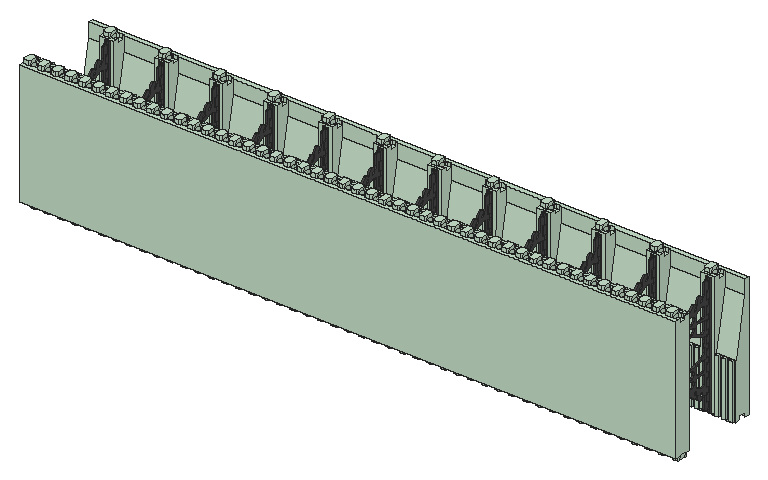
Revit family (continued)
Cuts and joins
  Extrusion 50, Extrusion 51, Extrusion 52, Extrusion 53, Extrusion 54, Extrusion 55, Extrusion 56, Extrusion 57, Extrusion 58, Extrusion 59, Extrusion 60, Extrusion 61, Extrusion 110, Extrusion 111, Extrusion 112, Extrusion 113, Extrusion 114, Extrusion 115, Extrusion 116, Extrusion 117, Extrusion 118, Extrusion 119, Extrusion 120, Extrusion 121, Extrusion 122, Extrusion 123, Extrusion 124, Extrusion 125, Extrusion 126, Extrusion 127, Extrusion 128, Extrusion 129, Extrusion 130, Extrusion 131, Extrusion 132, Extrusion 133, Extrusion 134, Extrusion 135, Extrusion 136, Extrusion 137, Extrusion 138, Extrusion 139, Extrusion 140, Extrusion 141, Extrusion 142, Extrusion 143, Extrusion 144, Extrusion 145, Extrusion 146, Extrusion 147, Extrusion 148, Extrusion 149, Extrusion 150, Extrusion 151, Extrusion 152, Extrusion 153, Extrusion 154, Extrusion 155, Extrusion 156, Extrusion 157 cuts Extrusion 158
  Extrusion 61 cuts Extrusion 159
  Extrusion 60 cuts Extrusion 160
  Extrusion 59 cuts Extrusion 161
  Extrusion 58 cuts Extrusion 162
  Extrusion 57 cuts Extrusion 163
  Extrusion 56 cuts Extrusion 164
  Extrusion 55 cuts Extrusion 165
  Extrusion 54 cuts Extrusion 166
  Extrusion 53 cuts Extrusion 168
  Extrusion 52 cuts Extrusion 169
  Extrusion 51 cuts Extrusion 170
  Extrusion 50 cuts Extrusion 171
  joined: Extrusion 158, Extrusion 159, Extrusion 160, Extrusion 161, Extrusion 162, Extrusion 163, Extrusion 164, Extrusion 165, Extrusion 166, Extrusion 168, Extrusion 169, Extrusion 170, Extrusion 171, Extrusion 172
  Extrusion 53 cuts Extrusion 167
Lines and regions (mm)
  model lines
    curve 1: line (203.2, -193.693, 457.2) -> (203.2, -193.693, 0)
    curve 2: line (2235.2, 142.857, 457.2) -> (2235.2, 142.857, 0)
    curve 3: line (1625.6, 142.857, 457.2) -> (1625.6, 142.857, 0)
    curve 4: line (1016, 142.857, 457.2) -> (1016, 142.857, 0)
    curve 5: line (406.4, 142.857, 457.2) -> (406.4, 142.857, 0)
Dimensions and locks
  aligned and locked: level to plane 2
  aligned and locked: level to Extrusion 1
Nested families
  nested 1: "NUDURA Diamond Pattern" at (0, -50.818, 0), type "NUDURA Diamond Pattern"
  nested 2: "NUDURA Diamond Pattern" at (406.4, -50.818, 0), type "NUDURA Diamond Pattern"
  nested 3: "NUDURA Diamond Pattern" at (609.6, -50.818, 0), type "NUDURA Diamond Pattern"
  nested 4: "NUDURA Diamond Pattern" at (1016, -50.818, 0), type "NUDURA Diamond Pattern"
  nested 5: "NUDURA Diamond Pattern" at (1219.2, -50.818, 0), type "NUDURA Diamond Pattern"
  nested 6: "NUDURA Diamond Pattern" at (1625.6, -50.818, 0), type "NUDURA Diamond Pattern"
  nested 7: "NUDURA Diamond Pattern" at (1828.8, -50.818, 0), type "NUDURA Diamond Pattern"
  nested 8: "NUDURA Diamond Pattern" at (2235.2, -50.818, 0), type "NUDURA Diamond Pattern"
  nested 9: "NUDURA Diamond Pattern" at (0, -0.018, 0), type "NUDURA Diamond Pattern"
  nested 10: "NUDURA Diamond Pattern" at (406.4, -0.018, 0), type "NUDURA Diamond Pattern"
  nested 11: "NUDURA Diamond Pattern" at (609.6, -0.018, 0), type "NUDURA Diamond Pattern"
  nested 12: "NUDURA Diamond Pattern" at (1016, -0.018, 0), type "NUDURA Diamond Pattern"
  nested 13: "NUDURA Diamond Pattern" at (1219.2, -0.018, 0), type "NUDURA Diamond Pattern"
  nested 14: "NUDURA Diamond Pattern" at (1625.6, -0.018, 0), type "NUDURA Diamond Pattern"
  nested 15: "NUDURA Diamond Pattern" at (1828.8, -0.018, 0), type "NUDURA Diamond Pattern"
  nested 16: "NUDURA Diamond Pattern" at (2235.2, -0.018, 0), type "NUDURA Diamond Pattern"
  nested 17: "Interlock Tooth" at (0, -50.818, 0), type "Interlock Tooth"
  nested 18: "Interlock Tooth" at (50.8, -50.818, 0), type "Interlock Tooth"
  nested 19: "Interlock Tooth" at (101.6, -50.818, 0), type "Interlock Tooth"
  nested 20: "Interlock Tooth" at (152.4, -50.818, 0), type "Interlock Tooth"
  nested 21: "Interlock Tooth" at (203.2, -50.818, 0), type "Interlock Tooth"
  nested 22: "Interlock Tooth" at (254, -50.818, 0), type "Interlock Tooth"
  nested 23: "Interlock Tooth" at (304.8, -50.818, 0), type "Interlock Tooth"
  nested 24: "Interlock Tooth" at (355.6, -50.818, 0), type "Interlock Tooth"
  nested 25: "Interlock Tooth" at (406.4, -50.818, 0), type "Interlock Tooth"
  nested 26: "Interlock Tooth" at (457.2, -50.818, 0), type "Interlock Tooth"
  nested 27: "Interlock Tooth" at (508, -50.818, 0), type "Interlock Tooth"
  nested 28: "Interlock Tooth" at (558.8, -50.818, 0), type "Interlock Tooth"
  nested 29: "Interlock Tooth" at (609.6, -50.818, 0), type "Interlock Tooth"
  nested 30: "Interlock Tooth" at (660.4, -50.818, 0), type "Interlock Tooth"
  nested 31: "Interlock Tooth" at (711.2, -50.818, 0), type "Interlock Tooth"
  nested 32: "Interlock Tooth" at (762, -50.818, 0), type "Interlock Tooth"
  nested 33: "Interlock Tooth" at (812.8, -50.818, 0), type "Interlock Tooth"
  nested 34: "Interlock Tooth" at (863.6, -50.818, 0), type "Interlock Tooth"
  nested 35: "Interlock Tooth" at (914.4, -50.818, 0), type "Interlock Tooth"
  nested 36: "Interlock Tooth" at (965.2, -50.818, 0), type "Interlock Tooth"
  nested 37: "Interlock Tooth" at (1016, -50.818, 0), type "Interlock Tooth"
  nested 38: "Interlock Tooth" at (1066.8, -50.818, 0), type "Interlock Tooth"
  nested 39: "Interlock Tooth" at (1117.6, -50.818, 0), type "Interlock Tooth"
  nested 40: "Interlock Tooth" at (1168.4, -50.818, 0), type "Interlock Tooth"
  nested 41: "Interlock Tooth" at (1219.2, -50.818, 0), type "Interlock Tooth"
  nested 42: "Interlock Tooth" at (1270, -50.818, 0), type "Interlock Tooth"
  nested 43: "Interlock Tooth" at (1320.8, -50.818, 0), type "Interlock Tooth"
  nested 44: "Interlock Tooth" at (1371.6, -50.818, 0), type "Interlock Tooth"
  nested 45: "Interlock Tooth" at (1422.4, -50.818, 0), type "Interlock Tooth"
  nested 46: "Interlock Tooth" at (1473.2, -50.818, 0), type "Interlock Tooth"
  nested 47: "Interlock Tooth" at (1524, -50.818, 0), type "Interlock Tooth"
  nested 48: "Interlock Tooth" at (1574.8, -50.818, 0), type "Interlock Tooth"
  nested 49: "Interlock Tooth" at (1625.6, -50.818, 0), type "Interlock Tooth"
  nested 50: "Interlock Tooth" at (1676.4, -50.818, 0), type "Interlock Tooth"
  nested 51: "Interlock Tooth" at (1727.2, -50.818, 0), type "Interlock Tooth"
  nested 52: "Interlock Tooth" at (1778, -50.818, 0), type "Interlock Tooth"
  nested 53: "Interlock Tooth" at (1828.8, -50.818, 0), type "Interlock Tooth"
  nested 54: "Interlock Tooth" at (1879.6, -50.818, 0), type "Interlock Tooth"
  nested 55: "Interlock Tooth" at (1930.4, -50.818, 0), type "Interlock Tooth"
  nested 56: "Interlock Tooth" at (1981.2, -50.818, 0), type "Interlock Tooth"
  nested 57: "Interlock Tooth" at (2032, -50.818, 0), type "Interlock Tooth"
  nested 58: "Interlock Tooth" at (2082.8, -50.818, 0), type "Interlock Tooth"
  nested 59: "Interlock Tooth" at (2133.6, -50.818, 0), type "Interlock Tooth"
  nested 60: "Interlock Tooth" at (2184.4, -50.818, 0), type "Interlock Tooth"
  nested 61: "Interlock Tooth" at (2235.2, -50.818, 0), type "Interlock Tooth"
  nested 62: "Interlock Tooth" at (2286, -50.818, 0), type "Interlock Tooth"
  nested 63: "Interlock Tooth" at (2336.8, -50.818, 0), type "Interlock Tooth"
  nested 64: "Interlock Tooth" at (2387.6, -50.818, 0), type "Interlock Tooth"
  nested 65: "Interlock Tooth" at (76.2, 225.407, 0), type "Interlock Tooth"
  nested 66: "Interlock Tooth" at (279.4, 225.407, 0), type "Interlock Tooth"
  nested 67: "Interlock Tooth" at (482.6, 225.407, 0), type "Interlock Tooth"
  nested 68: "Interlock Tooth" at (685.8, 225.407, 0), type "Interlock Tooth"
  nested 69: "Interlock Tooth" at (889, 225.407, 0), type "Interlock Tooth"
  nested 70: "Interlock Tooth" at (1092.2, 225.407, 0), type "Interlock Tooth"
  nested 71: "Interlock Tooth" at (1295.4, 225.407, 0), type "Interlock Tooth"
  nested 72: "Interlock Tooth" at (1498.6, 225.407, 0), type "Interlock Tooth"
  nested 73: "Interlock Tooth" at (1701.8, 225.407, 0), type "Interlock Tooth"
  nested 74: "Interlock Tooth" at (1905, 225.407, 0), type "Interlock Tooth"
  nested 75: "Interlock Tooth" at (2108.2, 225.407, 0), type "Interlock Tooth"
  nested 76: "Interlock Tooth" at (2311.4, 225.407, 0), type "Interlock Tooth"
  nested 77: "Interlock Tooth" at (25.4, -276.243, -469.9), type "Interlock Tooth"
  nested 78: "Interlock Tooth" at (76.2, -276.243, -469.9), type "Interlock Tooth"
  nested 79: "Interlock Tooth" at (127, -276.243, -469.9), type "Interlock Tooth"
  nested 80: "Interlock Tooth" at (177.8, -276.243, -469.9), type "Interlock Tooth"
  nested 81: "Interlock Tooth" at (228.6, -276.243, -469.9), type "Interlock Tooth"
  nested 82: "Interlock Tooth" at (279.4, -276.243, -469.9), type "Interlock Tooth"
  nested 83: "Interlock Tooth" at (330.2, -276.243, -469.9), type "Interlock Tooth"
  nested 84: "Interlock Tooth" at (381, -276.243, -469.9), type "Interlock Tooth"
  nested 85: "Interlock Tooth" at (431.8, -276.243, -469.9), type "Interlock Tooth"
  nested 86: "Interlock Tooth" at (482.6, -276.243, -469.9), type "Interlock Tooth"
  nested 87: "Interlock Tooth" at (533.4, -276.243, -469.9), type "Interlock Tooth"
  nested 88: "Interlock Tooth" at (584.2, -276.243, -469.9), type "Interlock Tooth"
  nested 89: "Interlock Tooth" at (635, -276.243, -469.9), type "Interlock Tooth"
  nested 90: "Interlock Tooth" at (685.8, -276.243, -469.9), type "Interlock Tooth"
  nested 91: "Interlock Tooth" at (736.6, -276.243, -469.9), type "Interlock Tooth"
  nested 92: "Interlock Tooth" at (787.4, -276.243, -469.9), type "Interlock Tooth"
  nested 93: "Interlock Tooth" at (838.2, -276.243, -469.9), type "Interlock Tooth"
  nested 94: "Interlock Tooth" at (889, -276.243, -469.9), type "Interlock Tooth"
  nested 95: "Interlock Tooth" at (939.8, -276.243, -469.9), type "Interlock Tooth"
  nested 96: "Interlock Tooth" at (990.6, -276.243, -469.9), type "Interlock Tooth"
  nested 97: "Interlock Tooth" at (1041.4, -276.243, -469.9), type "Interlock Tooth"
  nested 98: "Interlock Tooth" at (1092.2, -276.243, -469.9), type "Interlock Tooth"
  nested 99: "Interlock Tooth" at (1143, -276.243, -469.9), type "Interlock Tooth"
  nested 100: "Interlock Tooth" at (1193.8, -276.243, -469.9), type "Interlock Tooth"
  nested 101: "Interlock Tooth" at (1244.6, -276.243, -469.9), type "Interlock Tooth"
  nested 102: "Interlock Tooth" at (1295.4, -276.243, -469.9), type "Interlock Tooth"
  nested 103: "Interlock Tooth" at (1346.2, -276.243, -469.9), type "Interlock Tooth"
  nested 104: "Interlock Tooth" at (1397, -276.243, -469.9), type "Interlock Tooth"
  nested 105: "Interlock Tooth" at (1447.8, -276.243, -469.9), type "Interlock Tooth"
  nested 106: "Interlock Tooth" at (1498.6, -276.243, -469.9), type "Interlock Tooth"
  nested 107: "Interlock Tooth" at (1549.4, -276.243, -469.9), type "Interlock Tooth"
  nested 108: "Interlock Tooth" at (1600.2, -276.243, -469.9), type "Interlock Tooth"
  nested 109: "Interlock Tooth" at (1651, -276.243, -469.9), type "Interlock Tooth"
  nested 110: "Interlock Tooth" at (1701.8, -276.243, -469.9), type "Interlock Tooth"
  nested 111: "Interlock Tooth" at (1752.6, -276.243, -469.9), type "Interlock Tooth"
  nested 112: "Interlock Tooth" at (1803.4, -276.243, -469.9), type "Interlock Tooth"
  nested 113: "Interlock Tooth" at (1854.2, -276.243, -469.9), type "Interlock Tooth"
  nested 114: "Interlock Tooth" at (1905, -276.243, -469.9), type "Interlock Tooth"
  nested 115: "Interlock Tooth" at (1955.8, -276.243, -469.9), type "Interlock Tooth"
  nested 116: "Interlock Tooth" at (2006.6, -276.243, -469.9), type "Interlock Tooth"
  nested 117: "Interlock Tooth" at (2057.4, -276.243, -469.9), type "Interlock Tooth"
  nested 118: "Interlock Tooth" at (2108.2, -276.243, -469.9), type "Interlock Tooth"
  nested 119: "Interlock Tooth" at (2159, -276.243, -469.9), type "Interlock Tooth"
  nested 120: "Interlock Tooth" at (2209.8, -276.243, -469.9), type "Interlock Tooth"
  nested 121: "Interlock Tooth" at (2260.6, -276.243, -469.9), type "Interlock Tooth"
  nested 122: "Interlock Tooth" at (2311.4, -276.243, -469.9), type "Interlock Tooth"
  nested 123: "Interlock Tooth" at (2362.2, -276.243, -469.9), type "Interlock Tooth"
  nested 124: "Interlock Tooth" at (2413, -276.243, -469.9), type "Interlock Tooth"
  nested 125: "Interlock Tooth" at (0, -0.018, -469.9), type "Interlock Tooth"
  nested 126: "Interlock Tooth" at (50.8, -0.018, -469.9), type "Interlock Tooth"
  nested 127: "Interlock Tooth" at (101.6, -0.018, -469.9), type "Interlock Tooth"
  nested 128: "Interlock Tooth" at (152.4, -0.018, -469.9), type "Interlock Tooth"
  nested 129: "Interlock Tooth" at (203.2, -0.018, -469.9), type "Interlock Tooth"
  nested 130: "Interlock Tooth" at (254, -0.018, -469.9), type "Interlock Tooth"
  nested 131: "Interlock Tooth" at (304.8, -0.018, -469.9), type "Interlock Tooth"
  nested 132: "Interlock Tooth" at (355.6, -0.018, -469.9), type "Interlock Tooth"
  nested 133: "Interlock Tooth" at (406.4, -0.018, -469.9), type "Interlock Tooth"
  nested 134: "Interlock Tooth" at (457.2, -0.018, -469.9), type "Interlock Tooth"
  nested 135: "Interlock Tooth" at (508, -0.018, -469.9), type "Interlock Tooth"
  nested 136: "Interlock Tooth" at (558.8, -0.018, -469.9), type "Interlock Tooth"
  nested 137: "Interlock Tooth" at (609.6, -0.018, -469.9), type "Interlock Tooth"
  nested 138: "Interlock Tooth" at (660.4, -0.018, -469.9), type "Interlock Tooth"
  nested 139: "Interlock Tooth" at (711.2, -0.018, -469.9), type "Interlock Tooth"
  nested 140: "Interlock Tooth" at (762, -0.018, -469.9), type "Interlock Tooth"
  nested 141: "Interlock Tooth" at (812.8, -0.018, -469.9), type "Interlock Tooth"
  nested 142: "Interlock Tooth" at (863.6, -0.018, -469.9), type "Interlock Tooth"
  nested 143: "Interlock Tooth" at (914.4, -0.018, -469.9), type "Interlock Tooth"
  nested 144: "Interlock Tooth" at (965.2, -0.018, -469.9), type "Interlock Tooth"
  nested 145: "Interlock Tooth" at (1016, -0.018, -469.9), type "Interlock Tooth"
  nested 146: "Interlock Tooth" at (1066.8, -0.018, -469.9), type "Interlock Tooth"
  nested 147: "Interlock Tooth" at (1117.6, -0.018, -469.9), type "Interlock Tooth"
  nested 148: "Interlock Tooth" at (1168.4, -0.018, -469.9), type "Interlock Tooth"
  nested 149: "Interlock Tooth" at (1219.2, -0.018, -469.9), type "Interlock Tooth"
  nested 150: "Interlock Tooth" at (1270, -0.018, -469.9), type "Interlock Tooth"
  nested 151: "Interlock Tooth" at (1320.8, -0.018, -469.9), type "Interlock Tooth"
  nested 152: "Interlock Tooth" at (1371.6, -0.018, -469.9), type "Interlock Tooth"
  nested 153: "Interlock Tooth" at (1422.4, -0.018, -469.9), type "Interlock Tooth"
  nested 154: "Interlock Tooth" at (1473.2, -0.018, -469.9), type "Interlock Tooth"
  nested 155: "Interlock Tooth" at (1524, -0.018, -469.9), type "Interlock Tooth"
  nested 156: "Interlock Tooth" at (1574.8, -0.018, -469.9), type "Interlock Tooth"
  nested 157: "Interlock Tooth" at (1625.6, -0.018, -469.9), type "Interlock Tooth"
  nested 158: "Interlock Tooth" at (1676.4, -0.018, -469.9), type "Interlock Tooth"
  nested 159: "Interlock Tooth" at (1727.2, -0.018, -469.9), type "Interlock Tooth"
  nested 160: "Interlock Tooth" at (1778, -0.018, -469.9), type "Interlock Tooth"
  nested 161: "Interlock Tooth" at (1828.8, -0.018, -469.9), type "Interlock Tooth"
  nested 162: "Interlock Tooth" at (1879.6, -0.018, -469.9), type "Interlock Tooth"
  nested 163: "Interlock Tooth" at (1930.4, -0.018, -469.9), type "Interlock Tooth"
  nested 164: "Interlock Tooth" at (1981.2, -0.018, -469.9), type "Interlock Tooth"
  nested 165: "Interlock Tooth" at (2032, -0.018, -469.9), type "Interlock Tooth"
  nested 166: "Interlock Tooth" at (2082.8, -0.018, -469.9), type "Interlock Tooth"
  nested 167: "Interlock Tooth" at (2133.6, -0.018, -469.9), type "Interlock Tooth"
  nested 168: "Interlock Tooth" at (2184.4, -0.018, -469.9), type "Interlock Tooth"
  nested 169: "Interlock Tooth" at (2235.2, -0.018, -469.9), type "Interlock Tooth"
  nested 170: "Interlock Tooth" at (2286, -0.018, -469.9), type "Interlock Tooth"
  nested 171: "Interlock Tooth" at (2336.8, -0.018, -469.9), type "Interlock Tooth"
  nested 172: "Interlock Tooth" at (2387.6, -0.018, -469.9), type "Interlock Tooth"
  nested 173: "NUDURA Logo Diamond" at (0, -193.693, 0), type "NUDURA Logo Diamond"
  nested 174: "NUDURA Logo Diamond" at (609.6, -193.693, 0), type "NUDURA Logo Diamond"
  nested 175: "NUDURA Logo Diamond" at (1219.2, -193.693, 0), type "NUDURA Logo Diamond"
  nested 176: "NUDURA Logo Diamond" at (1828.8, -193.693, 0), type "NUDURA Logo Diamond"
  nested 177: "NUDURA Logo Diamond" at (2438.335, 142.857, 0) x (-1, 0, 0) z (0, 0, 1), type "NUDURA Logo Diamond"
  nested 178: "NUDURA Logo Diamond" at (1828.735, 142.857, 0) x (-1, 0, 0) z (0, 0, 1), type "NUDURA Logo Diamond"
  nested 179: "NUDURA Logo Diamond" at (1219.135, 142.857, 0) x (-1, 0, 0) z (0, 0, 1), type "NUDURA Logo Diamond"
  nested 180: "NUDURA Logo Diamond" at (609.535, 142.857, 0) x (-1, 0, 0) z (0, 0, 1), type "NUDURA Logo Diamond"
  nested 181: "8-inch Insert Web" at (101.6, -25.418, 0), type "8-inch Insert Web"
  nested 182: "8-inch Insert Web" at (304.8, -25.418, 0), type "8-inch Insert Web"
  nested 183: "8-inch Insert Web" at (508, -25.418, 0), type "8-inch Insert Web"
  nested 184: "8-inch Insert Web" at (711.2, -25.418, 0), type "8-inch Insert Web"
  nested 185: "8-inch Insert Web" at (914.4, -25.418, 0), type "8-inch Insert Web"
  nested 186: "8-inch Insert Web" at (1117.6, -25.418, 0), type "8-inch Insert Web"
  nested 187: "8-inch Insert Web" at (1320.8, -25.418, 0), type "8-inch Insert Web"
  nested 188: "8-inch Insert Web" at (1524, -25.418, 0), type "8-inch Insert Web"
  nested 189: "8-inch Insert Web" at (1727.2, -25.418, 0), type "8-inch Insert Web"
  nested 190: "8-inch Insert Web" at (1930.4, -25.418, 0), type "8-inch Insert Web"
  nested 191: "8-inch Insert Web" at (2133.6, -25.418, 0), type "8-inch Insert Web"
  nested 192: "8-inch Insert Web" at (2336.8, -25.418, 0), type "8-inch Insert Web"
Definition of nested family "Interlock Tooth"
  Reference planes
    plane 1 "Center (Front/Back)": y = 0
    plane 2: z = 0
    plane 3 "Center (Left/Right)": x = 0
    plane 4: z = 457.2
    plane 5: z = 469.9
    plane 6: z = -12.7
  Forms (mm)
    Extrusion 1, solid, material "NUDURA Expanded Polystyrene Foam Insulation"
      sketch origin (0, -225.425, 0) x (1, 0, 0) y (0, 1, 0)
        loop
          arc (0, 101.014) -> (1.215, 97.278) -> (4.396, 94.972) r 6.35
          arc (4.396, 94.972) -> (12.7, 93.663) -> (21.004, 94.972) r 26.988
          arc (21.004, 94.972) -> (24.185, 97.278) -> (25.4, 101.014) r 6.35
          line (25.4, 101.014) -> (25.4, 124.411)
          arc (25.4, 124.411) -> (24.185, 128.147) -> (21.004, 130.453) r 6.35
          arc (21.004, 130.453) -> (12.7, 131.763) -> (4.396, 130.453) r 26.987
          arc (4.396, 130.453) -> (1.215, 128.147) -> (0, 124.411) r 6.35
          line (0, 124.411) -> (0, 101.014)
      from 457.2 to 469.9
  Dimensions and locks
    locked: plane 4 to level at 457.2
    locked: plane 4 to plane 5 at 12.7
    locked: plane 6 to level at 12.7
Definition of nested family "8-inch Insert Web"
  Reference planes
    plane 1 "Center (Front/Back)": y = 0
    plane 2: z = 0
    plane 3 "Center (Left/Right)": x = 0
  Forms (mm)
    Extrusion 1, solid, material "High Density Polystyrene"
      sketch origin (0, 0, 0) x (0, 1, 0) y (0, 0, 1)
        loop
          line (107.95, 0) -> (107.95, 450.744)
          arc (107.95, 450.744) -> (107.217, 450.243) -> (106.934, 449.4) r 1.397
          line (106.934, 449.4) -> (106.934, 1.344)
          arc (106.934, 1.344) -> (107.217, 0.502) -> (107.95, 0) r 1.397
        loop
          arc (-107.95, 0) -> (-107.217, 0.502) -> (-106.934, 1.344) r 1.397
          line (-106.934, 1.344) -> (-106.934, 449.4)
          arc (-106.934, 449.4) -> (-107.217, 450.243) -> (-107.95, 450.744) r 1.397
          line (-107.95, 450.744) -> (-107.95, 0)
      from 9.227 to -9.227
    Extrusion 2, solid, material "High Density Polystyrene"
      sketch origin (0, 0, 0) x (0, 1, 0) y (0, 0, 1)
        loop
          arc (106.398, 442.16) -> (106.775, 442.021) -> (106.934, 441.652) r 0.508
          line (106.934, 441.652) -> (106.934, 447.972)
          arc (106.934, 447.972) -> (106.829, 447.585) -> (106.542, 447.306) r 0.762
          line (106.542, 447.306) -> (104.786, 446.33)
          arc (104.786, 446.33) -> (104.499, 446.05) -> (104.394, 445.664) r 0.762
          line (104.394, 445.664) -> (104.394, 442.585)
          arc (104.394, 442.585) -> (104.553, 442.216) -> (104.93, 442.078) r 0.508
          line (104.93, 442.078) -> (106.398, 442.16)
        loop
          line (-104.786, 446.33) -> (-106.542, 447.306)
          arc (-106.542, 447.306) -> (-106.829, 447.585) -> (-106.934, 447.972) r 0.762
          line (-106.934, 447.972) -> (-106.934, 441.652)
          arc (-106.934, 441.652) -> (-106.775, 442.021) -> (-106.398, 442.16) r 0.508
          line (-106.398, 442.16) -> (-104.93, 442.078)
          arc (-104.93, 442.078) -> (-104.553, 442.216) -> (-104.394, 442.585) r 0.508
          line (-104.394, 442.585) -> (-104.394, 445.664)
          arc (-104.394, 445.664) -> (-104.499, 446.05) -> (-104.786, 446.33) r 0.762
        loop
          line (106.398, 8.585) -> (104.93, 8.666)
          arc (104.93, 8.666) -> (104.553, 8.528) -> (104.394, 8.159) r 0.508
          line (104.394, 8.159) -> (104.394, 5.08)
          arc (104.394, 5.08) -> (104.499, 4.694) -> (104.786, 4.414) r 0.762
          line (104.786, 4.414) -> (106.542, 3.439)
          arc (106.542, 3.439) -> (106.829, 3.159) -> (106.934, 2.772) r 0.762
          line (106.934, 2.772) -> (106.934, 9.092)
          arc (106.934, 9.092) -> (106.775, 8.723) -> (106.398, 8.585) r 0.508
        loop
          arc (-104.786, 4.414) -> (-104.499, 4.694) -> (-104.394, 5.08) r 0.762
          line (-104.394, 5.08) -> (-104.394, 8.159)
          arc (-104.394, 8.159) -> (-104.553, 8.528) -> (-104.93, 8.666) r 0.508
          line (-104.93, 8.666) -> (-106.398, 8.585)
          arc (-106.398, 8.585) -> (-106.775, 8.723) -> (-106.934, 9.092) r 0.508
          line (-106.934, 9.092) -> (-106.934, 2.772)
          arc (-106.934, 2.772) -> (-106.829, 3.159) -> (-106.542, 3.439) r 0.762
          line (-106.542, 3.439) -> (-104.786, 4.414)
        loop
          line (101.6, 437.076) -> (99.695, 442.918)
          arc (99.695, 442.918) -> (98.425, 443.68) -> (97.155, 442.918) r 1.439
          line (97.155, 442.918) -> (95.913, 439.108) -> (92.683, 439.108)
          arc (92.683, 439.108) -> (91.804, 438.744) -> (91.44, 437.865) r 1.243
          line (91.44, 437.865) -> (91.44, 437.076) -> (88.9, 437.076) -> (88.9, 400.201)
          arc (88.9, 400.201) -> (87.144, 393.421) -> (82.318, 388.345) r 13.97
          arc (82.318, 388.345) -> (81.085, 386.915) -> (80.881, 385.039) r 3.175
          arc (80.881, 385.039) -> (69.576, 376.743) -> (70.402, 390.741) r 7.747
          arc (70.402, 390.741) -> (73.514, 398.005) -> (66.25, 401.117) r 5.588
          arc (66.25, 401.117) -> (57.259, 393.619) -> (54.399, 382.266) r 18.923
          arc (54.399, 382.266) -> (53.291, 371.727) -> (50.021, 361.646) r 50.8
          arc (50.021, 361.646) -> (37.344, 361.552) -> (41.55, 373.51) r 7.747
          arc (41.55, 373.51) -> (45.434, 381.929) -> (36.511, 384.447) r 6.096
          line (36.511, 384.447) -> (13.47, 361.407)
          arc (13.47, 361.407) -> (0, 355.827) -> (-13.47, 361.407) r 19.05
          line (-13.47, 361.407) -> (-36.511, 384.447)
          arc (-36.511, 384.447) -> (-45.434, 381.929) -> (-41.55, 373.51) r 6.096
          arc (-41.55, 373.51) -> (-37.344, 361.552) -> (-50.021, 361.646) r 7.747
          arc (-50.021, 361.646) -> (-53.291, 371.727) -> (-54.399, 382.266) r 50.8
          arc (-54.399, 382.266) -> (-57.259, 393.619) -> (-66.25, 401.117) r 18.923
          arc (-66.25, 401.117) -> (-73.514, 398.005) -> (-70.402, 390.741) r 5.588
          arc (-70.402, 390.741) -> (-69.576, 376.743) -> (-80.881, 385.039) r 7.747
          arc (-80.881, 385.039) -> (-81.085, 386.915) -> (-82.318, 388.345) r 3.175
          arc (-82.318, 388.345) -> (-87.144, 393.421) -> (-88.9, 400.201) r 13.97
          line (-88.9, 400.201) -> (-88.9, 437.076) -> (-91.44, 437.076) -> (-91.44, 437.865)
          arc (-91.44, 437.865) -> (-91.804, 438.744) -> (-92.683, 439.108) r 1.243
          line (-92.683, 439.108) -> (-95.913, 439.108) -> (-97.155, 442.918)
          arc (-97.155, 442.918) -> (-98.425, 443.68) -> (-99.695, 442.918) r 1.439
          line (-99.695, 442.918) -> (-101.6, 437.076) -> (-101.6, 16.896) -> (-99.695, 11.054)
          arc (-99.695, 11.054) -> (-98.425, 10.292) -> (-97.155, 11.054) r 1.439
          line (-97.155, 11.054) -> (-95.913, 14.864) -> (-92.683, 14.864)
          arc (-92.683, 14.864) -> (-91.804, 15.228) -> (-91.44, 16.107) r 1.243
          line (-91.44, 16.107) -> (-91.44, 16.896) -> (-88.9, 16.896) -> (-88.9, 56.999)
          arc (-88.9, 56.999) -> (-87.144, 63.779) -> (-82.318, 68.855) r 13.97
          arc (-82.318, 68.855) -> (-81.085, 70.285) -> (-80.881, 72.161) r 3.175
          arc (-80.881, 72.161) -> (-69.576, 80.457) -> (-70.402, 66.459) r 7.747
          arc (-70.402, 66.459) -> (-73.514, 59.195) -> (-66.25, 56.083) r 5.588
          arc (-66.25, 56.083) -> (-57.259, 63.581) -> (-54.399, 74.934) r 18.923
          arc (-54.399, 74.934) -> (-53.291, 85.473) -> (-50.021, 95.554) r 50.8
          arc (-50.021, 95.554) -> (-37.344, 95.648) -> (-41.55, 83.69) r 7.747
          arc (-41.55, 83.69) -> (-45.434, 75.271) -> (-36.511, 72.753) r 6.096
          line (-36.511, 72.753) -> (-13.47, 95.793)
          arc (-13.47, 95.793) -> (0, 101.373) -> (13.47, 95.793) r 19.05
          line (13.47, 95.793) -> (36.511, 72.753)
          arc (36.511, 72.753) -> (45.434, 75.271) -> (41.55, 83.69) r 6.096
          arc (41.55, 83.69) -> (37.344, 95.648) -> (50.021, 95.554) r 7.747
          arc (50.021, 95.554) -> (53.291, 85.473) -> (54.399, 74.934) r 50.8
          arc (54.399, 74.934) -> (57.259, 63.581) -> (66.25, 56.083) r 18.923
          arc (66.25, 56.083) -> (73.514, 59.195) -> (70.402, 66.459) r 5.588
          arc (70.402, 66.459) -> (69.576, 80.457) -> (80.881, 72.161) r 7.747
          arc (80.881, 72.161) -> (81.085, 70.285) -> (82.318, 68.855) r 3.175
          arc (82.318, 68.855) -> (87.144, 63.779) -> (88.9, 56.999) r 13.97
          line (88.9, 56.999) -> (88.9, 16.896) -> (91.44, 16.896) -> (91.44, 16.107)
          arc (91.44, 16.107) -> (91.804, 15.228) -> (92.683, 14.864) r 1.243
          line (92.683, 14.864) -> (95.913, 14.864) -> (97.155, 11.054)
          arc (97.155, 11.054) -> (98.425, 10.292) -> (99.695, 11.054) r 1.439
          line (99.695, 11.054) -> (101.6, 16.896) -> (101.6, 437.076)
        loop
          line (75.338, 365.319) -> (53.037, 354.882)
          arc (53.037, 354.882) -> (47.704, 350.196) -> (45.72, 343.38) r 12.7
          line (45.72, 343.38) -> (45.72, 332.943)
          arc (45.72, 332.943) -> (49.44, 323.962) -> (58.42, 320.243) r 12.7
          line (58.42, 320.243) -> (82.55, 320.243)
          arc (82.55, 320.243) -> (87.04, 322.103) -> (88.9, 326.593) r 6.35
          line (88.9, 326.593) -> (88.9, 356.692)
          arc (88.9, 356.692) -> (84.487, 364.729) -> (75.338, 365.319) r 9.525
        loop
          line (40.64, 329.768) -> (40.64, 340.162)
          arc (40.64, 340.162) -> (37.629, 345.093) -> (33.051, 348.618) r 15.855
          arc (33.051, 348.618) -> (29.537, 348.292) -> (26.01, 348.183) r 57.15
          line (26.01, 348.183) -> (0, 348.183) -> (-26.01, 348.183)
          arc (-26.01, 348.183) -> (-29.537, 348.292) -> (-33.051, 348.618) r 57.15
          arc (-33.051, 348.618) -> (-37.629, 345.093) -> (-40.64, 340.162) r 15.855
          line (-40.64, 340.162) -> (-40.64, 329.768)
          arc (-40.64, 329.768) -> (-36.952, 323.93) -> (-31.115, 320.243) r 15.684
          line (-31.115, 320.243) -> (0, 320.243) -> (31.115, 320.243)
          arc (31.115, 320.243) -> (36.952, 323.93) -> (40.64, 329.768) r 15.684
        loop
          line (-53.037, 354.882) -> (-75.338, 365.319)
          arc (-75.338, 365.319) -> (-84.487, 364.729) -> (-88.9, 356.692) r 9.525
          line (-88.9, 356.692) -> (-88.9, 326.593)
          arc (-88.9, 326.593) -> (-87.04, 322.103) -> (-82.55, 320.243) r 6.35
          line (-82.55, 320.243) -> (-58.42, 320.243)
          arc (-58.42, 320.243) -> (-49.44, 323.962) -> (-45.72, 332.943) r 12.7
          line (-45.72, 332.943) -> (-45.72, 340.735) -> (-45.72, 343.38)
          arc (-45.72, 343.38) -> (-47.704, 350.196) -> (-53.037, 354.882) r 12.7
        loop
          arc (75.338, 270.594) -> (84.487, 271.184) -> (88.9, 279.221) r 9.525
          line (88.9, 279.221) -> (88.9, 309.321)
          arc (88.9, 309.321) -> (87.04, 313.811) -> (82.55, 315.671) r 6.35
          line (82.55, 315.671) -> (58.42, 315.671)
          arc (58.42, 315.671) -> (49.44, 311.951) -> (45.72, 302.971) r 12.7
          line (45.72, 302.971) -> (45.72, 292.534)
          arc (45.72, 292.534) -> (47.704, 285.717) -> (53.037, 281.031) r 12.7
          line (53.037, 281.031) -> (75.338, 270.594)
        loop
          arc (40.64, 306.146) -> (36.952, 311.983) -> (31.115, 315.671) r 15.684
          line (31.115, 315.671) -> (0, 315.671) -> (-31.115, 315.671)
          arc (-31.115, 315.671) -> (-36.952, 311.983) -> (-40.64, 306.146) r 15.684
          line (-40.64, 306.146) -> (-40.64, 295.751)
          arc (-40.64, 295.751) -> (-37.629, 290.82) -> (-33.051, 287.295) r 15.855
          arc (-33.051, 287.295) -> (-29.537, 287.622) -> (-26.01, 287.731) r 57.15
          line (-26.01, 287.731) -> (0, 287.731) -> (26.01, 287.731)
          arc (26.01, 287.731) -> (29.537, 287.622) -> (33.051, 287.295) r 57.15
          arc (33.051, 287.295) -> (37.629, 290.82) -> (40.64, 295.751) r 15.855
          line (40.64, 295.751) -> (40.64, 306.146)
        loop
          arc (-53.037, 281.031) -> (-47.704, 285.717) -> (-45.72, 292.534) r 12.7
          line (-45.72, 292.534) -> (-45.72, 295.178) -> (-45.72, 302.971)
          arc (-45.72, 302.971) -> (-49.44, 311.951) -> (-58.42, 315.671) r 12.7
          line (-58.42, 315.671) -> (-82.55, 315.671)
          arc (-82.55, 315.671) -> (-87.04, 313.811) -> (-88.9, 309.321) r 6.35
          line (-88.9, 309.321) -> (-88.9, 279.221)
          arc (-88.9, 279.221) -> (-84.487, 271.184) -> (-75.338, 270.594) r 9.525
          line (-75.338, 270.594) -> (-53.037, 281.031)
        loop
          line (81.583, 262.614) -> (49.625, 277.57)
          arc (49.625, 277.57) -> (37.808, 281.595) -> (25.4, 282.958) r 57.15
          line (25.4, 282.958) -> (0, 282.958) -> (-25.4, 282.958)
          arc (-25.4, 282.958) -> (-37.808, 281.595) -> (-49.625, 277.57) r 57.15
          line (-49.625, 277.57) -> (-81.583, 262.614)
          arc (-81.583, 262.614) -> (-86.916, 257.927) -> (-88.9, 251.111) r 12.7
          line (-88.9, 251.111) -> (-88.9, 236.534) -> (-85.852, 231.454) -> (-85.852, 228.6) -> (-85.852, 225.746) -> (-88.9, 220.666) -> (-88.9, 206.089)
          arc (-88.9, 206.089) -> (-86.916, 199.273) -> (-81.583, 194.586) r 12.7
          line (-81.583, 194.586) -> (-49.625, 179.63)
          arc (-49.625, 179.63) -> (-37.808, 175.605) -> (-25.4, 174.242) r 57.15
          line (-25.4, 174.242) -> (0, 174.242) -> (25.4, 174.242)
          arc (25.4, 174.242) -> (37.808, 175.605) -> (49.625, 179.63) r 57.15
          line (49.625, 179.63) -> (81.583, 194.586)
          arc (81.583, 194.586) -> (86.916, 199.273) -> (88.9, 206.089) r 12.7
          line (88.9, 206.089) -> (88.9, 220.666) -> (85.852, 225.746) -> (85.852, 228.6) -> (85.852, 231.454) -> (88.9, 236.534) -> (88.9, 251.111)
          arc (88.9, 251.111) -> (86.916, 257.927) -> (81.583, 262.614) r 12.7
        loop
          arc (75.338, 91.881) -> (84.487, 92.471) -> (88.9, 100.508) r 9.525
          line (88.9, 100.508) -> (88.9, 130.607)
          arc (88.9, 130.607) -> (87.04, 135.097) -> (82.55, 136.957) r 6.35
          line (82.55, 136.957) -> (58.42, 136.957)
          arc (58.42, 136.957) -> (49.44, 133.238) -> (45.72, 124.257) r 12.7
          line (45.72, 124.257) -> (45.72, 113.82)
          arc (45.72, 113.82) -> (47.704, 107.004) -> (53.037, 102.318) r 12.7
          line (53.037, 102.318) -> (75.338, 91.881)
        loop
          arc (40.64, 127.432) -> (36.952, 133.27) -> (31.115, 136.957) r 15.684
          line (31.115, 136.957) -> (0, 136.957) -> (-31.115, 136.957)
          arc (-31.115, 136.957) -> (-36.952, 133.27) -> (-40.64, 127.432) r 15.684
          line (-40.64, 127.432) -> (-40.64, 117.038)
          arc (-40.64, 117.038) -> (-37.629, 112.107) -> (-33.051, 108.582) r 15.855
          arc (-33.051, 108.582) -> (-29.537, 108.908) -> (-26.01, 109.017) r 57.15
          line (-26.01, 109.017) -> (0, 109.017) -> (26.01, 109.017)
          arc (26.01, 109.017) -> (29.537, 108.908) -> (33.051, 108.582) r 57.15
          arc (33.051, 108.582) -> (37.629, 112.107) -> (40.64, 117.038) r 15.855
          line (40.64, 117.038) -> (40.64, 127.432)
        loop
          arc (-53.037, 102.318) -> (-47.704, 107.004) -> (-45.72, 113.82) r 12.7
          line (-45.72, 113.82) -> (-45.72, 116.465) -> (-45.72, 124.257)
          arc (-45.72, 124.257) -> (-49.44, 133.238) -> (-58.42, 136.957) r 12.7
          line (-58.42, 136.957) -> (-82.55, 136.957)
          arc (-82.55, 136.957) -> (-87.04, 135.097) -> (-88.9, 130.607) r 6.35
          line (-88.9, 130.607) -> (-88.9, 100.508)
          arc (-88.9, 100.508) -> (-84.487, 92.471) -> (-75.338, 91.881) r 9.525
          line (-75.338, 91.881) -> (-53.037, 102.318)
        loop
          line (75.338, 186.606) -> (53.037, 176.169)
          arc (53.037, 176.169) -> (47.704, 171.483) -> (45.72, 164.666) r 12.7
          line (45.72, 164.666) -> (45.72, 154.229)
          arc (45.72, 154.229) -> (49.44, 145.249) -> (58.42, 141.529) r 12.7
          line (58.42, 141.529) -> (82.55, 141.529)
          arc (82.55, 141.529) -> (87.04, 143.389) -> (88.9, 147.879) r 6.35
          line (88.9, 147.879) -> (88.9, 177.979)
          arc (88.9, 177.979) -> (84.487, 186.016) -> (75.338, 186.606) r 9.525
        loop
          line (40.64, 151.054) -> (40.64, 161.449)
          arc (40.64, 161.449) -> (37.629, 166.38) -> (33.051, 169.905) r 15.855
          arc (33.051, 169.905) -> (29.537, 169.578) -> (26.01, 169.469) r 57.15
          line (26.01, 169.469) -> (0, 169.469) -> (-26.01, 169.469)
          arc (-26.01, 169.469) -> (-29.537, 169.578) -> (-33.051, 169.905) r 57.15
          arc (-33.051, 169.905) -> (-37.629, 166.38) -> (-40.64, 161.449) r 15.855
          line (-40.64, 161.449) -> (-40.64, 151.054)
          arc (-40.64, 151.054) -> (-36.952, 145.217) -> (-31.115, 141.529) r 15.684
          line (-31.115, 141.529) -> (0, 141.529) -> (31.115, 141.529)
          arc (31.115, 141.529) -> (36.952, 145.217) -> (40.64, 151.054) r 15.684
        loop
          line (-53.037, 176.169) -> (-75.338, 186.606)
          arc (-75.338, 186.606) -> (-84.487, 186.016) -> (-88.9, 177.979) r 9.525
          line (-88.9, 177.979) -> (-88.9, 147.879)
          arc (-88.9, 147.879) -> (-87.04, 143.389) -> (-82.55, 141.529) r 6.35
          line (-82.55, 141.529) -> (-58.42, 141.529)
          arc (-58.42, 141.529) -> (-49.44, 145.249) -> (-45.72, 154.229) r 12.7
          line (-45.72, 154.229) -> (-45.72, 162.022) -> (-45.72, 164.666)
          arc (-45.72, 164.666) -> (-47.704, 171.483) -> (-53.037, 176.169) r 12.7
      from 3.175 to -3.175
    Extrusion 3, solid, material "High Density Polystyrene"
      sketch origin (0, 0, 0) x (0, 1, 0) y (0, 0, 1)
        loop
          line (106.934, 410.919) -> (94.234, 410.919) -> (94.234, 380.439) -> (106.934, 380.439) -> (106.934, 410.919)
        loop
          line (106.934, 361.389) -> (94.234, 361.389) -> (94.234, 330.909) -> (106.934, 330.909) -> (106.934, 361.389)
        loop
          line (106.934, 311.859) -> (94.234, 311.859) -> (94.234, 281.379) -> (106.934, 281.379) -> (106.934, 311.859)
        loop
          line (106.934, 262.329) -> (94.234, 262.329) -> (94.234, 234.897) -> (106.934, 234.897) -> (106.934, 262.329)
        loop
          line (106.934, 215.847) -> (94.234, 215.847) -> (94.234, 188.415) -> (106.934, 188.415) -> (106.934, 215.847)
        loop
          line (106.934, 169.365) -> (94.234, 169.365) -> (94.234, 138.885) -> (106.934, 138.885) -> (106.934, 169.365)
        loop
          line (106.934, 119.835) -> (94.234, 119.835) -> (94.234, 89.355) -> (106.934, 89.355) -> (106.934, 119.835)
        loop
          line (106.934, 70.305) -> (94.234, 70.305) -> (94.234, 39.825) -> (106.934, 39.825) -> (106.934, 70.305)
        loop
          line (-106.934, 410.919) -> (-106.934, 380.439) -> (-94.234, 380.439) -> (-94.234, 410.919) -> (-106.934, 410.919)
        loop
          line (-106.934, 361.389) -> (-106.934, 330.909) -> (-94.234, 330.909) -> (-94.234, 361.389) -> (-106.934, 361.389)
        loop
          line (-106.934, 311.859) -> (-106.934, 281.379) -> (-94.234, 281.379) -> (-94.234, 311.859) -> (-106.934, 311.859)
        loop
          line (-106.934, 262.329) -> (-106.934, 234.897) -> (-94.234, 234.897) -> (-94.234, 262.329) -> (-106.934, 262.329)
        loop
          line (-106.934, 215.847) -> (-106.934, 188.415) -> (-94.234, 188.415) -> (-94.234, 215.847) -> (-106.934, 215.847)
        loop
          line (-106.934, 169.365) -> (-106.934, 138.885) -> (-94.234, 138.885) -> (-94.234, 169.365) -> (-106.934, 169.365)
        loop
          line (-106.934, 119.835) -> (-106.934, 89.355) -> (-94.234, 89.355) -> (-94.234, 119.835) -> (-106.934, 119.835)
        loop
          line (-106.934, 70.305) -> (-106.934, 39.825) -> (-94.234, 39.825) -> (-94.234, 70.305) -> (-106.934, 70.305)
      from 6.35 to -6.35
    Extrusion 4, void
      sketch origin (0, 25.4, 0) x (1, 0, 0) y (0, 1, 0)
        loop
          line (-6.35, 70.929) -> (-6.35, 68.834) -> (-4.255, 68.834)
          arc (-4.255, 68.834) -> (-5.736, 69.448) -> (-6.35, 70.929) r 2.095
      from 0 to 457.2
    Extrusion 5, void
      sketch origin (0, 25.4, 0) x (-1, 0, 0) y (0, -1, 0)
        loop
          arc (-6.35, -70.929) -> (-5.736, -69.448) -> (-4.255, -68.834) r 2.095
          line (-4.255, -68.834) -> (-6.35, -68.834) -> (-6.35, -70.929)
      from 0 to 457.2
    Extrusion 6, void
      sketch origin (0, -25.4, 0) x (1, 0, 0) y (0, 1, 0)
        loop
          arc (-6.35, -70.929) -> (-5.736, -69.448) -> (-4.255, -68.834) r 2.095
          line (-4.255, -68.834) -> (-6.35, -68.834) -> (-6.35, -70.929)
      from 0 to 457.2
    Extrusion 7, void
      sketch origin (0, -25.4, 0) x (-1, 0, 0) y (0, -1, 0)
        loop
          line (-6.35, 70.929) -> (-6.35, 68.834) -> (-4.255, 68.834)
          arc (-4.255, 68.834) -> (-5.736, 69.448) -> (-6.35, 70.929) r 2.095
      from 0 to 457.2
  Cuts and joins
    Extrusion 4, Extrusion 5, Extrusion 6, Extrusion 7 cuts Extrusion 1
    Extrusion 4, Extrusion 5, Extrusion 6, Extrusion 7 cuts Extrusion 3
Definition of nested family "NUDURA Diamond Pattern"
  Reference planes
    plane 1 "Center (Front/Back)": y = 0
    plane 2: z = 0
    plane 3 "Center (Left/Right)": x = 0
    plane 4: z = 457.2
  Lines and regions (mm)
    model lines
      curve 1: line (203.2, -142.875, 457.2) -> (203.2, -142.875, 0)
      curve 2: line (152.4, -142.875, 457.2) -> (152.4, -142.875, 0)
      curve 3: line (50.8, -142.875, 457.2) -> (50.8, -142.875, 0)
      curve 4: line (85.183, -142.875, 431.415) -> (93.906, -142.875, 422.692)
      curve 5: arc (85.183, -142.875, 444.885) -> (82.394, -142.875, 438.15) -> (85.183, -142.875, 431.415) r 9.525
      curve 6: line (94.708, -142.875, 454.41) -> (85.183, -142.875, 444.885)
      curve 7: arc (108.179, -142.875, 454.41) -> (101.444, -142.875, 457.2) -> (94.708, -142.875, 454.41) r 9.525
      curve 8: line (117.704, -142.875, 444.885) -> (108.179, -142.875, 454.41)
      curve 9: arc (117.704, -142.875, 431.415) -> (120.494, -142.875, 438.15) -> (117.704, -142.875, 444.885) r 9.525
      curve 10: line (108.981, -142.875, 422.692) -> (117.704, -142.875, 431.415)
      curve 11: arc (105.934, -142.875, 452.165) -> (101.444, -142.875, 454.025) -> (96.953, -142.875, 452.165) r 6.35
      curve 12: line (115.459, -142.875, 442.64) -> (105.934, -142.875, 452.165)
      curve 13: arc (115.459, -142.875, 433.66) -> (117.319, -142.875, 438.15) -> (115.459, -142.875, 442.64) r 6.35
      curve 14: line (105.934, -142.875, 424.135) -> (115.459, -142.875, 433.66)
      curve 15: arc (96.953, -142.875, 424.135) -> (101.444, -142.875, 422.275) -> (105.934, -142.875, 424.135) r 6.35
      curve 16: line (87.428, -142.875, 433.66) -> (96.953, -142.875, 424.135)
      curve 17: arc (87.428, -142.875, 442.64) -> (85.569, -142.875, 438.15) -> (87.428, -142.875, 433.66) r 6.35
      curve 18: line (96.953, -142.875, 452.165) -> (87.428, -142.875, 442.64)
      curve 19: arc (93.906, -142.875, 415.508) -> (95.394, -142.875, 419.1) -> (93.906, -142.875, 422.692) r 5.08
      curve 20: line (117.704, -142.875, 406.785) -> (108.981, -142.875, 415.508)
      curve 21: arc (117.704, -142.875, 393.315) -> (120.494, -142.875, 400.05) -> (117.704, -142.875, 406.785) r 9.525
      curve 22: line (108.981, -142.875, 384.592) -> (117.704, -142.875, 393.315)
      curve 23: line (85.183, -142.875, 393.315) -> (93.906, -142.875, 384.592)
      curve 24: arc (85.183, -142.875, 406.785) -> (82.394, -142.875, 400.05) -> (85.183, -142.875, 393.315) r 9.525
      curve 25: line (93.906, -142.875, 415.508) -> (85.183, -142.875, 406.785)
      curve 26: arc (105.934, -142.875, 414.065) -> (101.444, -142.875, 415.925) -> (96.953, -142.875, 414.065) r 6.35
      curve 27: line (96.953, -142.875, 414.065) -> (87.428, -142.875, 404.54)
      curve 28: arc (87.428, -142.875, 404.54) -> (85.569, -142.875, 400.05) -> (87.428, -142.875, 395.56) r 6.35
      curve 29: line (87.428, -142.875, 395.56) -> (96.953, -142.875, 386.035)
      curve 30: arc (96.953, -142.875, 386.035) -> (101.444, -142.875, 384.175) -> (105.934, -142.875, 386.035) r 6.35
      curve 31: line (105.934, -142.875, 386.035) -> (115.459, -142.875, 395.56)
      curve 32: arc (115.459, -142.875, 395.56) -> (117.319, -142.875, 400.05) -> (115.459, -142.875, 404.54) r 6.35
      curve 33: line (115.459, -142.875, 404.54) -> (105.934, -142.875, 414.065)
      curve 34: arc (93.906, -142.875, 377.408) -> (95.394, -142.875, 381) -> (93.906, -142.875, 384.592) r 5.08
      curve 35: line (117.704, -142.875, 368.685) -> (108.981, -142.875, 377.408)
      curve 36: arc (117.704, -142.875, 355.215) -> (120.494, -142.875, 361.95) -> (117.704, -142.875, 368.685) r 9.525
      curve 37: line (108.981, -142.875, 346.492) -> (117.704, -142.875, 355.215)
      curve 38: line (85.183, -142.875, 355.215) -> (93.906, -142.875, 346.492)
      curve 39: arc (85.183, -142.875, 368.685) -> (82.394, -142.875, 361.95) -> (85.183, -142.875, 355.215) r 9.525
      curve 40: line (93.906, -142.875, 377.408) -> (85.183, -142.875, 368.685)
      curve 41: arc (105.934, -142.875, 375.965) -> (101.444, -142.875, 377.825) -> (96.953, -142.875, 375.965) r 6.35
      curve 42: line (96.953, -142.875, 375.965) -> (87.428, -142.875, 366.44)
      curve 43: arc (87.428, -142.875, 366.44) -> (85.569, -142.875, 361.95) -> (87.428, -142.875, 357.46) r 6.35
      curve 44: line (87.428, -142.875, 357.46) -> (96.953, -142.875, 347.935)
      curve 45: arc (96.953, -142.875, 347.935) -> (101.444, -142.875, 346.075) -> (105.934, -142.875, 347.935) r 6.35
      curve 46: line (105.934, -142.875, 347.935) -> (115.459, -142.875, 357.46)
      curve 47: arc (115.459, -142.875, 357.46) -> (117.319, -142.875, 361.95) -> (115.459, -142.875, 366.44) r 6.35
      curve 48: line (115.459, -142.875, 366.44) -> (105.934, -142.875, 375.965)
      curve 49: arc (93.906, -142.875, 339.308) -> (95.394, -142.875, 342.9) -> (93.906, -142.875, 346.492) r 5.08
      curve 50: line (117.704, -142.875, 330.585) -> (108.981, -142.875, 339.308)
      curve 51: arc (117.704, -142.875, 317.115) -> (120.494, -142.875, 323.85) -> (117.704, -142.875, 330.585) r 9.525
      curve 52: line (108.981, -142.875, 308.392) -> (117.704, -142.875, 317.115)
      curve 53: line (85.183, -142.875, 317.115) -> (93.906, -142.875, 308.392)
      curve 54: arc (85.183, -142.875, 330.585) -> (82.394, -142.875, 323.85) -> (85.183, -142.875, 317.115) r 9.525
      curve 55: line (93.906, -142.875, 339.308) -> (85.183, -142.875, 330.585)
      curve 56: arc (105.934, -142.875, 337.865) -> (101.444, -142.875, 339.725) -> (96.953, -142.875, 337.865) r 6.35
      curve 57: line (96.953, -142.875, 337.865) -> (87.428, -142.875, 328.34)
      curve 58: arc (87.428, -142.875, 328.34) -> (85.569, -142.875, 323.85) -> (87.428, -142.875, 319.36) r 6.35
      curve 59: line (87.428, -142.875, 319.36) -> (96.953, -142.875, 309.835)
      curve 60: arc (96.953, -142.875, 309.835) -> (101.444, -142.875, 307.975) -> (105.934, -142.875, 309.835) r 6.35
      curve 61: line (105.934, -142.875, 309.835) -> (115.459, -142.875, 319.36)
      curve 62: arc (115.459, -142.875, 319.36) -> (117.319, -142.875, 323.85) -> (115.459, -142.875, 328.34) r 6.35
      curve 63: line (115.459, -142.875, 328.34) -> (105.934, -142.875, 337.865)
      curve 64: arc (93.906, -142.875, 301.208) -> (95.394, -142.875, 304.8) -> (93.906, -142.875, 308.392) r 5.08
      curve 65: line (117.704, -142.875, 292.485) -> (108.981, -142.875, 301.208)
      curve 66: arc (117.704, -142.875, 279.015) -> (120.494, -142.875, 285.75) -> (117.704, -142.875, 292.485) r 9.525
      curve 67: line (108.981, -142.875, 270.292) -> (117.704, -142.875, 279.015)
      curve 68: line (85.183, -142.875, 279.015) -> (93.906, -142.875, 270.292)
      curve 69: arc (85.183, -142.875, 292.485) -> (82.394, -142.875, 285.75) -> (85.183, -142.875, 279.015) r 9.525
      curve 70: line (93.906, -142.875, 301.208) -> (85.183, -142.875, 292.485)
      curve 71: arc (105.934, -142.875, 299.765) -> (101.444, -142.875, 301.625) -> (96.953, -142.875, 299.765) r 6.35
      curve 72: line (96.953, -142.875, 299.765) -> (87.428, -142.875, 290.24)
      curve 73: arc (87.428, -142.875, 290.24) -> (85.569, -142.875, 285.75) -> (87.428, -142.875, 281.26) r 6.35
      curve 74: line (87.428, -142.875, 281.26) -> (96.953, -142.875, 271.735)
      curve 75: arc (96.953, -142.875, 271.735) -> (101.444, -142.875, 269.875) -> (105.934, -142.875, 271.735) r 6.35
      curve 76: line (105.934, -142.875, 271.735) -> (115.459, -142.875, 281.26)
      curve 77: arc (115.459, -142.875, 281.26) -> (117.319, -142.875, 285.75) -> (115.459, -142.875, 290.24) r 6.35
      curve 78: line (115.459, -142.875, 290.24) -> (105.934, -142.875, 299.765)
      curve 79: arc (93.906, -142.875, 263.108) -> (95.394, -142.875, 266.7) -> (93.906, -142.875, 270.292) r 5.08
      curve 80: line (117.704, -142.875, 254.385) -> (108.981, -142.875, 263.108)
      curve 81: arc (117.704, -142.875, 240.915) -> (120.494, -142.875, 247.65) -> (117.704, -142.875, 254.385) r 9.525
      curve 82: line (108.981, -142.875, 232.192) -> (117.704, -142.875, 240.915)
      curve 83: line (85.183, -142.875, 240.915) -> (93.906, -142.875, 232.192)
      curve 84: arc (85.183, -142.875, 254.385) -> (82.394, -142.875, 247.65) -> (85.183, -142.875, 240.915) r 9.525
      curve 85: line (93.906, -142.875, 263.108) -> (85.183, -142.875, 254.385)
      curve 86: arc (105.934, -142.875, 261.665) -> (101.444, -142.875, 263.525) -> (96.953, -142.875, 261.665) r 6.35
      curve 87: line (96.953, -142.875, 261.665) -> (87.428, -142.875, 252.14)
      curve 88: arc (87.428, -142.875, 252.14) -> (85.569, -142.875, 247.65) -> (87.428, -142.875, 243.16) r 6.35
      curve 89: line (87.428, -142.875, 243.16) -> (96.953, -142.875, 233.635)
      curve 90: arc (96.953, -142.875, 233.635) -> (101.444, -142.875, 231.775) -> (105.934, -142.875, 233.635) r 6.35
      curve 91: line (105.934, -142.875, 233.635) -> (115.459, -142.875, 243.16)
      curve 92: arc (115.459, -142.875, 243.16) -> (117.319, -142.875, 247.65) -> (115.459, -142.875, 252.14) r 6.35
      curve 93: line (115.459, -142.875, 252.14) -> (105.934, -142.875, 261.665)
      curve 94: arc (93.906, -142.875, 225.008) -> (95.394, -142.875, 228.6) -> (93.906, -142.875, 232.192) r 5.08
      curve 95: line (117.704, -142.875, 216.285) -> (108.981, -142.875, 225.008)
      curve 96: arc (117.704, -142.875, 202.815) -> (120.494, -142.875, 209.55) -> (117.704, -142.875, 216.285) r 9.525
      curve 97: line (108.981, -142.875, 194.092) -> (117.704, -142.875, 202.815)
      curve 98: line (85.183, -142.875, 202.815) -> (93.906, -142.875, 194.092)
      curve 99: arc (85.183, -142.875, 216.285) -> (82.394, -142.875, 209.55) -> (85.183, -142.875, 202.815) r 9.525
      curve 100: line (93.906, -142.875, 225.008) -> (85.183, -142.875, 216.285)
      curve 101: arc (105.934, -142.875, 223.565) -> (101.444, -142.875, 225.425) -> (96.953, -142.875, 223.565) r 6.35
      curve 102: line (96.953, -142.875, 223.565) -> (87.428, -142.875, 214.04)
      curve 103: arc (87.428, -142.875, 214.04) -> (85.569, -142.875, 209.55) -> (87.428, -142.875, 205.06) r 6.35
      curve 104: line (87.428, -142.875, 205.06) -> (96.953, -142.875, 195.535)
      curve 105: arc (96.953, -142.875, 195.535) -> (101.444, -142.875, 193.675) -> (105.934, -142.875, 195.535) r 6.35
      curve 106: line (105.934, -142.875, 195.535) -> (115.459, -142.875, 205.06)
      curve 107: arc (115.459, -142.875, 205.06) -> (117.319, -142.875, 209.55) -> (115.459, -142.875, 214.04) r 6.35
      curve 108: line (115.459, -142.875, 214.04) -> (105.934, -142.875, 223.565)
      curve 109: arc (93.906, -142.875, 186.908) -> (95.394, -142.875, 190.5) -> (93.906, -142.875, 194.092) r 5.08
      curve 110: line (117.704, -142.875, 178.185) -> (108.981, -142.875, 186.908)
      curve 111: arc (117.704, -142.875, 164.715) -> (120.494, -142.875, 171.45) -> (117.704, -142.875, 178.185) r 9.525
      curve 112: line (108.981, -142.875, 155.992) -> (117.704, -142.875, 164.715)
      curve 113: line (85.183, -142.875, 164.715) -> (93.906, -142.875, 155.992)
      curve 114: arc (85.183, -142.875, 178.185) -> (82.394, -142.875, 171.45) -> (85.183, -142.875, 164.715) r 9.525
      curve 115: line (93.906, -142.875, 186.908) -> (85.183, -142.875, 178.185)
      curve 116: arc (105.934, -142.875, 185.465) -> (101.444, -142.875, 187.325) -> (96.953, -142.875, 185.465) r 6.35
      curve 117: line (96.953, -142.875, 185.465) -> (87.428, -142.875, 175.94)
      curve 118: arc (87.428, -142.875, 175.94) -> (85.569, -142.875, 171.45) -> (87.428, -142.875, 166.96) r 6.35
      curve 119: line (87.428, -142.875, 166.96) -> (96.953, -142.875, 157.435)
      curve 120: arc (96.953, -142.875, 157.435) -> (101.444, -142.875, 155.575) -> (105.934, -142.875, 157.435) r 6.35
      curve 121: line (105.934, -142.875, 157.435) -> (115.459, -142.875, 166.96)
      curve 122: arc (115.459, -142.875, 166.96) -> (117.319, -142.875, 171.45) -> (115.459, -142.875, 175.94) r 6.35
      curve 123: line (115.459, -142.875, 175.94) -> (105.934, -142.875, 185.465)
      curve 124: arc (93.906, -142.875, 148.808) -> (95.394, -142.875, 152.4) -> (93.906, -142.875, 155.992) r 5.08
      curve 125: line (117.704, -142.875, 140.085) -> (108.981, -142.875, 148.808)
      curve 126: arc (117.704, -142.875, 126.615) -> (120.494, -142.875, 133.35) -> (117.704, -142.875, 140.085) r 9.525
      curve 127: line (108.981, -142.875, 117.892) -> (117.704, -142.875, 126.615)
      curve 128: line (85.183, -142.875, 126.615) -> (93.906, -142.875, 117.892)
      curve 129: arc (85.183, -142.875, 140.085) -> (82.394, -142.875, 133.35) -> (85.183, -142.875, 126.615) r 9.525
      curve 130: line (93.906, -142.875, 148.808) -> (85.183, -142.875, 140.085)
      curve 131: arc (105.934, -142.875, 147.365) -> (101.444, -142.875, 149.225) -> (96.953, -142.875, 147.365) r 6.35
      curve 132: line (96.953, -142.875, 147.365) -> (87.428, -142.875, 137.84)
      curve 133: arc (87.428, -142.875, 137.84) -> (85.569, -142.875, 133.35) -> (87.428, -142.875, 128.86) r 6.35
      curve 134: line (87.428, -142.875, 128.86) -> (96.953, -142.875, 119.335)
      curve 135: arc (96.953, -142.875, 119.335) -> (101.444, -142.875, 117.475) -> (105.934, -142.875, 119.335) r 6.35
      curve 136: line (105.934, -142.875, 119.335) -> (115.459, -142.875, 128.86)
      curve 137: arc (115.459, -142.875, 128.86) -> (117.319, -142.875, 133.35) -> (115.459, -142.875, 137.84) r 6.35
      curve 138: line (115.459, -142.875, 137.84) -> (105.934, -142.875, 147.365)
      curve 139: arc (93.906, -142.875, 110.708) -> (95.394, -142.875, 114.3) -> (93.906, -142.875, 117.892) r 5.08
      curve 140: line (117.704, -142.875, 101.985) -> (108.981, -142.875, 110.708)
      curve 141: arc (117.704, -142.875, 88.515) -> (120.494, -142.875, 95.25) -> (117.704, -142.875, 101.985) r 9.525
      curve 142: line (108.981, -142.875, 79.792) -> (117.704, -142.875, 88.515)
      curve 143: line (85.183, -142.875, 88.515) -> (93.906, -142.875, 79.792)
      curve 144: arc (85.183, -142.875, 101.985) -> (82.394, -142.875, 95.25) -> (85.183, -142.875, 88.515) r 9.525
      curve 145: line (93.906, -142.875, 110.708) -> (85.183, -142.875, 101.985)
      curve 146: arc (105.934, -142.875, 109.265) -> (101.444, -142.875, 111.125) -> (96.953, -142.875, 109.265) r 6.35
      curve 147: line (96.953, -142.875, 109.265) -> (87.428, -142.875, 99.74)
      curve 148: arc (87.428, -142.875, 99.74) -> (85.569, -142.875, 95.25) -> (87.428, -142.875, 90.76) r 6.35
      curve 149: line (87.428, -142.875, 90.76) -> (96.953, -142.875, 81.235)
      curve 150: arc (96.953, -142.875, 81.235) -> (101.444, -142.875, 79.375) -> (105.934, -142.875, 81.235) r 6.35
      curve 151: line (105.934, -142.875, 81.235) -> (115.459, -142.875, 90.76)
      curve 152: arc (115.459, -142.875, 90.76) -> (117.319, -142.875, 95.25) -> (115.459, -142.875, 99.74) r 6.35
      curve 153: line (115.459, -142.875, 99.74) -> (105.934, -142.875, 109.265)
      curve 154: arc (93.906, -142.875, 72.608) -> (95.394, -142.875, 76.2) -> (93.906, -142.875, 79.792) r 5.08
      curve 155: line (117.704, -142.875, 63.885) -> (108.981, -142.875, 72.608)
      curve 156: arc (117.704, -142.875, 50.415) -> (120.494, -142.875, 57.15) -> (117.704, -142.875, 63.885) r 9.525
      curve 157: line (108.981, -142.875, 41.692) -> (117.704, -142.875, 50.415)
      curve 158: line (85.183, -142.875, 50.415) -> (93.906, -142.875, 41.692)
      curve 159: arc (85.183, -142.875, 63.885) -> (82.394, -142.875, 57.15) -> (85.183, -142.875, 50.415) r 9.525
      curve 160: line (93.906, -142.875, 72.608) -> (85.183, -142.875, 63.885)
      curve 161: arc (105.934, -142.875, 71.165) -> (101.444, -142.875, 73.025) -> (96.953, -142.875, 71.165) r 6.35
      curve 162: line (96.953, -142.875, 71.165) -> (87.428, -142.875, 61.64)
      curve 163: arc (87.428, -142.875, 61.64) -> (85.569, -142.875, 57.15) -> (87.428, -142.875, 52.66) r 6.35
      curve 164: line (87.428, -142.875, 52.66) -> (96.953, -142.875, 43.135)
      curve 165: arc (96.953, -142.875, 43.135) -> (101.444, -142.875, 41.275) -> (105.934, -142.875, 43.135) r 6.35
      curve 166: line (105.934, -142.875, 43.135) -> (115.459, -142.875, 52.66)
      curve 167: arc (115.459, -142.875, 52.66) -> (117.319, -142.875, 57.15) -> (115.459, -142.875, 61.64) r 6.35
      curve 168: line (115.459, -142.875, 61.64) -> (105.934, -142.875, 71.165)
      curve 169: arc (93.906, -142.875, 34.508) -> (95.394, -142.875, 38.1) -> (93.906, -142.875, 41.692) r 5.08
      curve 170: line (93.906, -142.875, 34.508) -> (85.183, -142.875, 25.785)
      curve 171: arc (85.183, -142.875, 25.785) -> (82.394, -142.875, 19.05) -> (85.183, -142.875, 12.315) r 9.525
      curve 172: line (85.183, -142.875, 12.315) -> (94.708, -142.875, 2.79)
      curve 173: arc (94.708, -142.875, 2.79) -> (101.444, -142.875, 0) -> (108.179, -142.875, 2.79) r 9.525
      curve 174: line (108.179, -142.875, 2.79) -> (117.704, -142.875, 12.315)
      curve 175: arc (117.704, -142.875, 12.315) -> (120.494, -142.875, 19.05) -> (117.704, -142.875, 25.785) r 9.525
      curve 176: line (117.704, -142.875, 25.785) -> (108.981, -142.875, 34.508)
      curve 177: arc (108.981, -142.875, 41.692) -> (107.493, -142.875, 38.1) -> (108.981, -142.875, 34.508) r 5.08
      curve 178: arc (105.934, -142.875, 33.065) -> (101.444, -142.875, 34.925) -> (96.953, -142.875, 33.065) r 6.35
      curve 179: line (115.459, -142.875, 23.54) -> (105.934, -142.875, 33.065)
      curve 180: arc (115.459, -142.875, 14.56) -> (117.319, -142.875, 19.05) -> (115.459, -142.875, 23.54) r 6.35
      curve 181: line (105.934, -142.875, 5.035) -> (115.459, -142.875, 14.56)
      curve 182: arc (96.953, -142.875, 5.035) -> (101.444, -142.875, 3.175) -> (105.934, -142.875, 5.035) r 6.35
      curve 183: line (87.428, -142.875, 14.56) -> (96.953, -142.875, 5.035)
      curve 184: arc (87.428, -142.875, 23.54) -> (85.569, -142.875, 19.05) -> (87.428, -142.875, 14.56) r 6.35
      curve 185: line (96.953, -142.875, 33.065) -> (87.428, -142.875, 23.54)
      curve 186: arc (108.981, -142.875, 79.792) -> (107.493, -142.875, 76.2) -> (108.981, -142.875, 72.608) r 5.08
      curve 187: arc (108.981, -142.875, 117.892) -> (107.493, -142.875, 114.3) -> (108.981, -142.875, 110.708) r 5.08
      curve 188: arc (108.981, -142.875, 155.992) -> (107.493, -142.875, 152.4) -> (108.981, -142.875, 148.808) r 5.08
      curve 189: arc (108.981, -142.875, 194.092) -> (107.493, -142.875, 190.5) -> (108.981, -142.875, 186.908) r 5.08
      curve 190: arc (108.981, -142.875, 232.192) -> (107.493, -142.875, 228.6) -> (108.981, -142.875, 225.008) r 5.08
      curve 191: arc (108.981, -142.875, 270.292) -> (107.493, -142.875, 266.7) -> (108.981, -142.875, 263.108) r 5.08
      curve 192: arc (108.981, -142.875, 308.392) -> (107.493, -142.875, 304.8) -> (108.981, -142.875, 301.208) r 5.08
      curve 193: arc (108.981, -142.875, 346.492) -> (107.493, -142.875, 342.9) -> (108.981, -142.875, 339.308) r 5.08
      curve 194: arc (108.981, -142.875, 384.592) -> (107.493, -142.875, 381) -> (108.981, -142.875, 377.408) r 5.08
      curve 195: arc (108.981, -142.875, 422.692) -> (107.493, -142.875, 419.1) -> (108.981, -142.875, 415.508) r 5.08
Definition of nested family "NUDURA Logo Diamond"
  Reference planes
    plane 1 "Center (Front/Back)": y = 0
    plane 2: z = 0
    plane 3 "Center (Left/Right)": x = 0
  Lines and regions (mm)
    model lines
      curve 1: line (320.001, 0, 444.526) -> (311.021, 0, 453.507)
      curve 2: line (313.973, 0, 425.925) -> (320.001, 0, 431.954)
      curve 3: line (320.001, 0, 406.426) -> (313.973, 0, 412.455)
      curve 4: line (313.973, 0, 387.825) -> (320.001, 0, 393.854)
      curve 5: line (320.001, 0, 368.326) -> (313.973, 0, 374.355)
      curve 6: line (313.973, 0, 349.725) -> (320.001, 0, 355.754)
      curve 7: line (309.225, 0, 337.411) -> (322.887, 0, 323.749)
      curve 8: line (322.887, 0, 323.749) -> (324.683, 0, 325.545)
      curve 9: line (286.583, 0, 323.749) -> (300.245, 0, 337.411)
      curve 10: line (295.497, 0, 336.255) -> (284.787, 0, 325.545)
      curve 11: line (289.468, 0, 355.754) -> (295.497, 0, 349.725)
      curve 12: line (295.497, 0, 374.355) -> (289.468, 0, 368.326)
